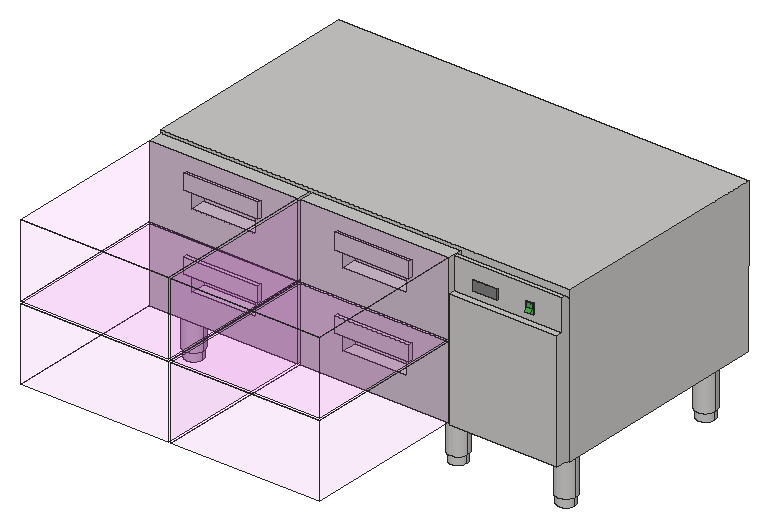
Revit family "QF_ELECTROLUXPROFESSIONAL_371295_E7TTBECOMIN", category Specialty Equipment, Revit 2023 (continued)
Lines and regions (mm)
  Split face 143
    outline origin (727.396, -348, 92.29) x (0, 0, -1) y (1, 0, 0)
      loop
        arc (-117.004, -234.4) -> (-121.004, -238.41) -> (-116.984, -242.399) r 4
        line (-116.984, -242.399) -> (-85.025, -242.399)
  Split face 144
    outline origin (739.396, -348, 92.29) x (0, 0, -1) y (1, 0, 0)
      loop
        arc (-85.025, -242.399) -> (-81.004, -238.41) -> (-85.004, -234.4) r 4
        line (-85.004, -234.4) -> (-117.004, -234.4)
        arc (-117.004, -234.4) -> (-121.004, -238.41) -> (-116.984, -242.399) r 4
        line (-116.984, -242.399) -> (-85.025, -242.399)
  Split face 145
    outline origin (751.396, -348, 92.29) x (0, 0, -1) y (1, 0, 0)
      loop
        arc (-85.025, -242.399) -> (-81.004, -238.41) -> (-85.004, -234.4) r 4
        line (-85.004, -234.4) -> (-117.004, -234.4)
        arc (-117.004, -234.4) -> (-121.004, -238.41) -> (-116.984, -242.399) r 4
        line (-116.984, -242.399) -> (-85.025, -242.399)
  Split face 146
    outline origin (763.396, -348, 92.29) x (0, 0, -1) y (1, 0, 0)
      loop
        arc (-85.025, -242.399) -> (-81.004, -238.41) -> (-85.004, -234.4) r 4
        line (-85.004, -234.4) -> (-117.004, -234.4)
        arc (-117.004, -234.4) -> (-121.004, -238.41) -> (-116.984, -242.399) r 4
        line (-116.984, -242.399) -> (-85.025, -242.399)
  Split face 147
    outline origin (775.396, -348, 92.29) x (0, 0, -1) y (1, 0, 0)
      loop
        arc (-85.025, -242.399) -> (-81.004, -238.41) -> (-85.004, -234.4) r 4
        line (-85.004, -234.4) -> (-117.004, -234.4)
        arc (-117.004, -234.4) -> (-121.004, -238.41) -> (-116.984, -242.399) r 4
        line (-116.984, -242.399) -> (-85.025, -242.399)
  Split face 148
    outline origin (787.396, -348, 92.29) x (0, 0, -1) y (1, 0, 0)
      loop
        arc (-85.025, -242.399) -> (-81.004, -238.41) -> (-85.004, -234.4) r 4
        line (-85.004, -234.4) -> (-117.004, -234.4)
        arc (-117.004, -234.4) -> (-121.004, -238.41) -> (-116.984, -242.399) r 4
        line (-116.984, -242.399) -> (-85.025, -242.399)
  Split face 149
    outline origin (799.396, -348, 92.29) x (0, 0, -1) y (1, 0, 0)
      loop
        arc (-85.025, -242.399) -> (-81.004, -238.41) -> (-85.004, -234.4) r 4
        line (-85.004, -234.4) -> (-117.004, -234.4)
        arc (-117.004, -234.4) -> (-121.004, -238.41) -> (-116.984, -242.399) r 4
        line (-116.984, -242.399) -> (-85.025, -242.399)
  Split face 150
    outline origin (811.396, -348, 92.29) x (0, 0, -1) y (1, 0, 0)
      loop
        arc (-85.025, -242.399) -> (-81.004, -238.41) -> (-85.004, -234.4) r 4
        line (-85.004, -234.4) -> (-117.004, -234.4)
        arc (-117.004, -234.4) -> (-121.004, -238.41) -> (-116.984, -242.399) r 4
        line (-116.984, -242.399) -> (-85.025, -242.399)
  Split face 151
    outline origin (588.5, -348, 92.29) x (0, 0, -1) y (1, 0, 0)
      loop
        arc (-85.025, -282.599) -> (-81.004, -278.61) -> (-85.004, -274.599) r 4
        line (-85.004, -274.599) -> (-117.004, -274.599)
        arc (-117.004, -274.599) -> (-121.004, -278.61) -> (-116.984, -282.599) r 4
        line (-116.984, -282.599) -> (-85.025, -282.599)
  Split face 152
    outline origin (708.396, -348, 362.291) x (0, 0, -1) y (1, 0, 0)
      loop
        arc (-85.025, -282.599) -> (-81.004, -278.61) -> (-85.004, -274.599) r 4
        line (-85.004, -274.599) -> (-117.004, -274.599)
        arc (-117.004, -274.599) -> (-121.004, -278.61) -> (-116.984, -282.599) r 4
        line (-116.984, -282.599) -> (-85.025, -282.599)
  Split face 153
    outline origin (720.397, -348, 362.291) x (0, 0, -1) y (1, 0, 0)
      loop
        arc (-85.025, -282.599) -> (-81.004, -278.61) -> (-85.004, -274.599) r 4
        line (-85.004, -274.599) -> (-117.004, -274.599)
        arc (-117.004, -274.599) -> (-121.004, -278.61) -> (-116.984, -282.599) r 4
        line (-116.984, -282.599) -> (-85.025, -282.599)
  Split face 154
    outline origin (732.396, -348, 362.291) x (0, 0, -1) y (1, 0, 0)
      loop
        arc (-85.025, -282.599) -> (-81.004, -278.61) -> (-85.004, -274.599) r 4
        line (-85.004, -274.599) -> (-117.004, -274.599)
        arc (-117.004, -274.599) -> (-121.004, -278.61) -> (-116.984, -282.599) r 4
        line (-116.984, -282.599) -> (-85.025, -282.599)
  Split face 155
    outline origin (708.396, -348, 317.29) x (0, 0, -1) y (1, 0, 0)
      loop
        arc (-85.025, -282.599) -> (-81.004, -278.61) -> (-85.004, -274.599) r 4
        line (-85.004, -274.599) -> (-117.004, -274.599)
        arc (-117.004, -274.599) -> (-121.004, -278.61) -> (-116.984, -282.599) r 4
        line (-116.984, -282.599) -> (-85.025, -282.599)
  Split face 156
    outline origin (720.397, -348, 317.29) x (0, 0, -1) y (1, 0, 0)
      loop
        arc (-85.025, -282.599) -> (-81.004, -278.61) -> (-85.004, -274.599) r 4
        line (-85.004, -274.599) -> (-117.004, -274.599)
        arc (-117.004, -274.599) -> (-121.004, -278.61) -> (-116.984, -282.599) r 4
        line (-116.984, -282.599) -> (-85.025, -282.599)
  Split face 157
    outline origin (732.396, -348, 317.29) x (0, 0, -1) y (1, 0, 0)
      loop
        arc (-85.025, -282.599) -> (-81.004, -278.61) -> (-85.004, -274.599) r 4
        line (-85.004, -274.599) -> (-117.004, -274.599)
        arc (-117.004, -274.599) -> (-121.004, -278.61) -> (-116.984, -282.599) r 4
        line (-116.984, -282.599) -> (-85.025, -282.599)
  Split face 158
    outline origin (708.396, -348, 272.29) x (0, 0, -1) y (1, 0, 0)
      loop
        arc (-85.025, -282.599) -> (-81.004, -278.61) -> (-85.004, -274.599) r 4
        line (-85.004, -274.599) -> (-117.004, -274.599)
        arc (-117.004, -274.599) -> (-121.004, -278.61) -> (-116.984, -282.599) r 4
        line (-116.984, -282.599) -> (-85.025, -282.599)
  Split face 159
    outline origin (720.397, -348, 272.29) x (0, 0, -1) y (1, 0, 0)
      loop
        arc (-85.025, -282.599) -> (-81.004, -278.61) -> (-85.004, -274.599) r 4
        line (-85.004, -274.599) -> (-117.004, -274.599)
        arc (-117.004, -274.599) -> (-121.004, -278.61) -> (-116.984, -282.599) r 4
        line (-116.984, -282.599) -> (-85.025, -282.599)
  Split face 160
    outline origin (732.396, -348, 272.29) x (0, 0, -1) y (1, 0, 0)
      loop
        arc (-85.025, -282.599) -> (-81.004, -278.61) -> (-85.004, -274.599) r 4
        line (-85.004, -274.599) -> (-117.004, -274.599)
        arc (-117.004, -274.599) -> (-121.004, -278.61) -> (-116.984, -282.599) r 4
        line (-116.984, -282.599) -> (-85.025, -282.599)
  Split face 161
    outline origin (708.396, -348, 227.29) x (0, 0, -1) y (1, 0, 0)
      loop
        arc (-85.025, -282.599) -> (-81.004, -278.61) -> (-85.004, -274.599) r 4
        line (-85.004, -274.599) -> (-117.004, -274.599)
        arc (-117.004, -274.599) -> (-121.004, -278.61) -> (-116.984, -282.599) r 4
        line (-116.984, -282.599) -> (-85.025, -282.599)
  Split face 162
    outline origin (720.397, -348, 227.29) x (0, 0, -1) y (1, 0, 0)
      loop
        arc (-85.025, -282.599) -> (-81.004, -278.61) -> (-85.004, -274.599) r 4
        line (-85.004, -274.599) -> (-117.004, -274.599)
        arc (-117.004, -274.599) -> (-121.004, -278.61) -> (-116.984, -282.599) r 4
        line (-116.984, -282.599) -> (-85.025, -282.599)
  Split face 163
    outline origin (732.396, -348, 227.29) x (0, 0, -1) y (1, 0, 0)
      loop
        arc (-85.025, -282.599) -> (-81.004, -278.61) -> (-85.004, -274.599) r 4
        line (-85.004, -274.599) -> (-117.004, -274.599)
        arc (-117.004, -274.599) -> (-121.004, -278.61) -> (-116.984, -282.599) r 4
        line (-116.984, -282.599) -> (-85.025, -282.599)
  Split face 164
    outline origin (708.396, -348, 182.29) x (0, 0, -1) y (1, 0, 0)
      loop
        arc (-85.025, -282.599) -> (-81.004, -278.61) -> (-85.004, -274.599) r 4
        line (-85.004, -274.599) -> (-117.004, -274.599)
        arc (-117.004, -274.599) -> (-121.004, -278.61) -> (-116.984, -282.599) r 4
        line (-116.984, -282.599) -> (-85.025, -282.599)
  Split face 165
    outline origin (720.397, -348, 182.29) x (0, 0, -1) y (1, 0, 0)
      loop
        arc (-85.025, -282.599) -> (-81.004, -278.61) -> (-85.004, -274.599) r 4
        line (-85.004, -274.599) -> (-117.004, -274.599)
        arc (-117.004, -274.599) -> (-121.004, -278.61) -> (-116.984, -282.599) r 4
        line (-116.984, -282.599) -> (-85.025, -282.599)
  Split face 166
    outline origin (732.396, -348, 182.29) x (0, 0, -1) y (1, 0, 0)
      loop
        arc (-85.025, -282.599) -> (-81.004, -278.61) -> (-85.004, -274.599) r 4
        line (-85.004, -274.599) -> (-117.004, -274.599)
        arc (-117.004, -274.599) -> (-121.004, -278.61) -> (-116.984, -282.599) r 4
        line (-116.984, -282.599) -> (-85.025, -282.599)
  Split face 167
    outline origin (708.396, -348, 137.29) x (0, 0, -1) y (1, 0, 0)
      loop
        arc (-85.025, -282.599) -> (-81.004, -278.61) -> (-85.004, -274.599) r 4
        line (-85.004, -274.599) -> (-117.004, -274.599)
        arc (-117.004, -274.599) -> (-121.004, -278.61) -> (-116.984, -282.599) r 4
        line (-116.984, -282.599) -> (-85.025, -282.599)
  Split face 168
    outline origin (720.397, -348, 137.29) x (0, 0, -1) y (1, 0, 0)
      loop
        arc (-85.025, -282.599) -> (-81.004, -278.61) -> (-85.004, -274.599) r 4
        line (-85.004, -274.599) -> (-117.004, -274.599)
        arc (-117.004, -274.599) -> (-121.004, -278.61) -> (-116.984, -282.599) r 4
        line (-116.984, -282.599) -> (-85.025, -282.599)
  Split face 169
    outline origin (732.396, -348, 137.29) x (0, 0, -1) y (1, 0, 0)
      loop
        arc (-85.025, -282.599) -> (-81.004, -278.61) -> (-85.004, -274.599) r 4
        line (-85.004, -274.599) -> (-117.004, -274.599)
        arc (-117.004, -274.599) -> (-121.004, -278.61) -> (-116.984, -282.599) r 4
        line (-116.984, -282.599) -> (-85.025, -282.599)
  Split face 170
    outline origin (708.396, -348, 92.29) x (0, 0, -1) y (1, 0, 0)
      loop
        arc (-85.025, -282.599) -> (-81.004, -278.61) -> (-85.004, -274.599) r 4
        line (-85.004, -274.599) -> (-117.004, -274.599)
        arc (-117.004, -274.599) -> (-121.004, -278.61) -> (-116.984, -282.599) r 4
        line (-116.984, -282.599) -> (-85.025, -282.599)
  Split face 171
    outline origin (720.397, -348, 92.29) x (0, 0, -1) y (1, 0, 0)
      loop
        arc (-85.025, -282.599) -> (-81.004, -278.61) -> (-85.004, -274.599) r 4
        line (-85.004, -274.599) -> (-117.004, -274.599)
        arc (-117.004, -274.599) -> (-121.004, -278.61) -> (-116.984, -282.599) r 4
        line (-116.984, -282.599) -> (-85.025, -282.599)
  Split face 172
    outline origin (732.396, -348, 92.29) x (0, 0, -1) y (1, 0, 0)
      loop
        arc (-85.025, -282.599) -> (-81.004, -278.61) -> (-85.004, -274.599) r 4
        line (-85.004, -274.599) -> (-117.004, -274.599)
        arc (-117.004, -274.599) -> (-121.004, -278.61) -> (-116.984, -282.599) r 4
        line (-116.984, -282.599) -> (-85.025, -282.599)
  symbolic lines, style "SpecialityEquipmentHiddenLines"
    curve 1: line (-599, 350, 0) -> (599, 350, 0)
    curve 2: line (-599, -348, 0) -> (-599, 350, 0)
    curve 3: line (599, -348, 0) -> (-599, -348, 0)
    curve 4: line (599, 350, 0) -> (599, -348, 0)
    curve 17: line (-599, -303, 0) -> (599, -303, 0)
  symbolic lines, style "QF_Door-Drawer Clearances"
    curve 5: line (-575, -348, 0) -> (-575, -473, 0)
    curve 6: line (-180.999, -473, 0) -> (-180.999, -348, 0)
    curve 7: line (-132.499, -348, 0) -> (-132.499, -473, 0)
    curve 8: line (261.502, -473, 0) -> (261.502, -348, 0)
    curve 9: line (-595, -473, 0) -> (-160.999, -473, 0)
    curve 10: line (-152.499, -473, 0) -> (281.502, -473, 0)
    curve 11: line (-595, -513, 0) -> (-160.999, -513, 0)
    curve 12: line (-152.499, -513, 0) -> (281.502, -513, 0)
    curve 13: line (-160.999, -513, 0) -> (-160.999, -473, 0)
    curve 14: line (-152.499, -473, 0) -> (-152.499, -513, 0)
    curve 15: line (-595, -473, 0) -> (-595, -513, 0)
    curve 16: line (281.502, -513, 0) -> (281.502, -473, 0)
    curve 18: line (-575, -513, 0) -> (-575, -638, 0)
    curve 19: line (-180.999, -638, 0) -> (-180.999, -513, 0)
    curve 20: line (-132.499, -513, 0) -> (-132.499, -638, 0)
    curve 21: line (261.502, -638, 0) -> (261.502, -513, 0)
    curve 22: line (-595, -638, 0) -> (-160.999, -638, 0)
    curve 23: line (-152.499, -638, 0) -> (281.502, -638, 0)
    curve 24: line (-595, -678, 0) -> (-160.999, -678, 0)
    curve 25: line (-152.499, -678, 0) -> (281.502, -678, 0)
    curve 26: line (-160.999, -678, 0) -> (-160.999, -638, 0)
    curve 27: line (-152.499, -638, 0) -> (-152.499, -678, 0)
    curve 28: line (-595, -638, 0) -> (-595, -678, 0)
    curve 29: line (281.502, -678, 0) -> (281.502, -638, 0)
Dimensions and locks
  equal spacing: plane 6 "LEFT", plane 3 "Centro (Sinistra/Destra)", plane 7 "RIGHT"
  plane 6 "LEFT" to plane 7 "RIGHT" = 1200 mm
  equal spacing: plane 4 "BACK", plane 1 "Center X", plane 5 "FRONT"
  plane 4 "BACK" to plane 5 "FRONT" = 700 mm
  locked: plane 4 "BACK" to plane 8 at 653
  locked: plane 8 to plane 9 at 45
  locked: plane 6 "LEFT" to plane 10 at 55
  locked: plane 11 to plane 7 "RIGHT" at 55
  locked: plane 10 to plane 12 at 774
  locked: plane 4 "BACK" to plane 13 at 88
  locked: plane 14 to plane 9 at 99
  locked: plane 17 to plane 7 "RIGHT" at 1
  locked: plane 6 "LEFT" to plane 16 at 1
  plane 17 to plane 15 = 313 mm
  locked: plane 4 "BACK" to plane 18 at 160
  plane 19 to plane 7 "RIGHT" = 42 mm
  aligned and locked: level to plane 2
  aligned and locked: plane 10 to nested 1
  aligned and locked: nested 1 to plane 14
  aligned and locked: nested 2 to plane 13
  aligned and locked: plane 12 to nested 3
  aligned and locked: nested 4 to plane 12
  aligned and locked: plane 11 to nested 5
  aligned and locked: nested 6 to plane 11
  aligned and locked: Extrusion 1 sketch curve to plane 4 "BACK"
  aligned and locked: plane 8 to Extrusion 1 sketch curve
  aligned and locked: plane 17 to Extrusion 1
Automatic sketch dimensions
  curve 1 to plane 4 "BACK" = 0 mm
  curve 1 to plane 16 = 0 mm
  curve 5 to plane 9 = 0 mm
  curve 3 to plane 17 = 0 mm
  curve 17 to plane 8 = 0 mm
  plane 16 to curve 24 = 4 mm
  plane 16 to curve 15 = 4 mm
  curve 24 to plane 3 "Centro (Sinistra/Destra)" = 160.999 mm
  curve 13 to curve 22 = 0 mm
  curve 9 to curve 14 = 8.5 mm
  curve 24 to curve 25 = 8.5 mm
  curve 23 to plane 15 = 4.498 mm
  curve 16 to plane 15 = 4.498 mm
  curve 9 to plane 5 "FRONT" = 123 mm
  curve 9 to curve 10 = 0 mm
  curve 16 to curve 10 = 40 mm
  curve 15 to curve 9 = 40 mm
  curve 22 to curve 11 = 125 mm
  curve 22 to curve 23 = 0 mm
  curve 26 to curve 22 = 40 mm
  curve 25 to curve 23 = 40 mm
  curve 2 to curve 5 = 24 mm
  curve 11 to curve 18 = 20 mm
  curve 19 to curve 22 = 20 mm
  curve 6 to curve 9 = 20 mm
  curve 12 to curve 20 = 20 mm
  curve 10 to curve 7 = 20 mm
  curve 8 to plane 15 = 24.498 mm
  curve 21 to curve 23 = 20 mm
  Extrusion 1 sketch curve to plane 17 = 0 mm
  Extrusion 1 sketch curve to plane 16 = 0 mm
  Extrusion 2 sketch curve to plane 18 = 0 mm
  Extrusion 2 sketch curve to plane 19 = 0 mm
  plane 16 to Extrusion 3 sketch curve = 4 mm
  Extrusion 3 sketch curve to plane 21 = 45 mm
  Extrusion 3 sketch curve to plane 3 "Centro (Sinistra/Destra)" = 160.999 mm
  Extrusion 4 sketch curve to plane 21 = 45 mm
  Extrusion 4 sketch curve to plane 3 "Centro (Sinistra/Destra)" = 152.999 mm
  Extrusion 4 sketch curve to plane 15 = 4.998 mm
  plane 16 to Extrusion 5 sketch curve = 4 mm
  Extrusion 5 sketch curve to plane 3 "Centro (Sinistra/Destra)" = 160.999 mm
  Extrusion 5 sketch curve to plane 21 = 50 mm
  Extrusion 6 sketch curve to plane 3 "Centro (Sinistra/Destra)" = 152.999 mm
  Extrusion 6 sketch curve to plane 15 = 4.998 mm
  Extrusion 6 sketch curve to plane 21 = 50 mm
  Extrusion 7 sketch curve to plane 21 = 45 mm
  Extrusion 7 sketch curve to plane 3 "Centro (Sinistra/Destra)" = 160.999 mm
  plane 22 to Extrusion 7 sketch curve = 29.206 mm
  Extrusion 7 sketch curve to Extrusion 7 sketch curve = 123.7 mm
  plane 10 to Extrusion 7 sketch curve = 73.7 mm
  plane 16 to Extrusion 7 sketch curve = 4 mm
  Extrusion 7 sketch curve to Extrusion 7 sketch curve = 78.294 mm
  Extrusion 8 sketch curve to plane 9 = 0 mm
  Extrusion 8 sketch curve to plane 8 = 0 mm
  plane 9 to Extrusion 8 sketch curve = 16.901 mm
  Extrusion 8 sketch curve to Extrusion 8 sketch curve = 11.336 mm
  Extrusion 8 sketch curve to plane 8 = 15.163 mm
  Extrusion 8 sketch curve to plane 8 = 5.442 mm
  Extrusion 8 sketch curve to Extrusion 8 sketch curve = 4.796 mm
  plane 22 to Extrusion 8 sketch curve = 72.296 mm
  Extrusion 8 sketch curve to Extrusion 8 sketch curve = 11.467 mm
  Extrusion 8 to Extrusion 9 sketch curve = 42.198 mm
  Extrusion 9 sketch curve to Extrusion 8 = 20 mm
  Extrusion 8 to Extrusion 9 sketch curve = 102.899 mm
  Extrusion 9 sketch curve to Extrusion 9 sketch curve = 22 mm
  Extrusion 8 to Extrusion 10 sketch curve = 42.198 mm
  Extrusion 10 sketch curve to Extrusion 8 = 20 mm
  Extrusion 8 to Extrusion 10 sketch curve = 54.901 mm
  Extrusion 10 sketch curve to Extrusion 10 sketch curve = 70 mm
  Split face 1 sketch curve to Extrusion 10 = 5 mm
  Split face 1 sketch curve to Extrusion 10 = 9 mm
  Split face 1 sketch curve to Extrusion 10 = 10 mm  (x2)
  Split face 2 sketch curve to Extrusion 10 = 12.5 mm
  Split face 2 sketch curve to Extrusion 10 = 7 mm
  Split face 3 sketch curve to Extrusion 10 = 7.5 mm
  Split face 3 sketch curve to Extrusion 10 = 7 mm
  Split face 4 sketch curve to Extrusion 10 = 11.5 mm
  Split face 4 sketch curve to Extrusion 10 = 7 mm
  Split face 5 sketch curve to Extrusion 10 = 7.5 mm
  Split face 5 sketch curve to Extrusion 10 = 7 mm
  Split face 6 sketch curve to Extrusion 10 = 12.5 mm
  Split face 6 sketch curve to Extrusion 10 = 7 mm
  Split face 7 sketch curve to Extrusion 10 = 11.5 mm
  Split face 7 sketch curve to Extrusion 10 = 7 mm
  Split face 8 sketch curve to Extrusion 10 = 7.047 mm
  Split face 8 sketch curve to Extrusion 10 = 2.047 mm
  Split face 8 sketch curve to Extrusion 10 = 10 mm
  Split face 8 sketch curve to Split face 8 sketch curve = 11 mm
  Split face 9 sketch curve to Extrusion 10 = 7.047 mm
  Split face 9 sketch curve to Extrusion 10 = 2.047 mm
  Split face 9 sketch curve to Extrusion 10 = 23 mm
  Split face 9 sketch curve to Split face 9 sketch curve = 11 mm
  Split face 10 sketch curve to Extrusion 10 = 7.047 mm
  Split face 10 sketch curve to Extrusion 10 = 2.047 mm
  Split face 10 sketch curve to Extrusion 10 = 34 mm
  Split face 10 sketch curve to Split face 10 sketch curve = 11 mm
  Split face 11 sketch curve to Extrusion 10 = 7.047 mm
  Split face 11 sketch curve to Extrusion 10 = 2.047 mm
  Split face 11 sketch curve to Extrusion 10 = 21 mm
  Split face 11 sketch curve to Extrusion 10 = 10 mm
  Extrusion 11 sketch curve to Extrusion 11 sketch curve = 0 mm  (x3)
  Extrusion 11 sketch curve to Extrusion 9 = 0 mm
  Extrusion 9 to Extrusion 11 sketch curve = 2.279 mm
  Extrusion 11 sketch curve to Extrusion 11 sketch curve = 0.116 mm
  Extrusion 11 sketch curve to Extrusion 11 sketch curve = 12.105 mm
  Extrusion 9 to Extrusion 11 sketch curve = 3.692 mm
  Extrusion 9 to Extrusion 11 sketch curve = 2.395 mm
  Split face 12 sketch curve to Extrusion 8 = 20.5 mm
  Split face 12 sketch curve to Split face 12 sketch curve = 0.02 mm  (x2)
  Split face 12 sketch curve to Split face 12 sketch curve = 31.959 mm
  Split face 12 sketch curve to Extrusion 8 = 32.901 mm
  Split face 12 sketch curve to Split face 12 sketch curve = 4 mm
  Split face 13 sketch curve to Extrusion 8 = 20.5 mm
  Split face 13 sketch curve to Split face 13 sketch curve = 0.02 mm  (x2)
  Split face 13 sketch curve to Split face 13 sketch curve = 31.959 mm
  Split face 13 sketch curve to Extrusion 8 = 44.9 mm
  Split face 13 sketch curve to Split face 13 sketch curve = 4 mm
  Split face 14 sketch curve to Extrusion 8 = 20.5 mm
  Split face 14 sketch curve to Split face 14 sketch curve = 0.02 mm  (x2)
  Split face 14 sketch curve to Split face 14 sketch curve = 31.959 mm
  Split face 14 sketch curve to Extrusion 8 = 56.9 mm
  Split face 14 sketch curve to Split face 14 sketch curve = 4 mm
  Split face 15 sketch curve to Extrusion 8 = 20.5 mm
  Split face 15 sketch curve to Split face 15 sketch curve = 0.02 mm  (x2)
  Split face 15 sketch curve to Split face 15 sketch curve = 31.959 mm
  Split face 15 sketch curve to Extrusion 8 = 68.797 mm
  Split face 15 sketch curve to Split face 15 sketch curve = 4 mm
  Split face 16 sketch curve to Extrusion 8 = 20.5 mm
  Split face 16 sketch curve to Split face 16 sketch curve = 0.02 mm  (x2)
  Split face 16 sketch curve to Split face 16 sketch curve = 31.959 mm
  Split face 16 sketch curve to Extrusion 8 = 80.797 mm
  Split face 16 sketch curve to Split face 16 sketch curve = 4 mm
  Split face 17 sketch curve to Extrusion 8 = 20.5 mm
  Split face 17 sketch curve to Split face 17 sketch curve = 0.02 mm  (x2)
  Split face 17 sketch curve to Split face 17 sketch curve = 31.959 mm
  Split face 17 sketch curve to Extrusion 8 = 92.797 mm
  Split face 17 sketch curve to Split face 17 sketch curve = 4 mm
  Split face 18 sketch curve to Extrusion 8 = 20.5 mm
  Split face 18 sketch curve to Split face 18 sketch curve = 0.02 mm  (x2)
  Split face 18 sketch curve to Split face 18 sketch curve = 31.959 mm
  Split face 18 sketch curve to Extrusion 8 = 104.797 mm
  Split face 18 sketch curve to Split face 18 sketch curve = 4 mm
  Split face 19 sketch curve to Extrusion 8 = 20.5 mm
  Split face 19 sketch curve to Split face 19 sketch curve = 0.02 mm  (x2)
  Split face 19 sketch curve to Split face 19 sketch curve = 31.959 mm
  Split face 19 sketch curve to Extrusion 8 = 116.797 mm
  Split face 19 sketch curve to Split face 19 sketch curve = 4 mm
  Split face 20 sketch curve to Extrusion 8 = 20.5 mm
  Split face 20 sketch curve to Split face 20 sketch curve = 0.02 mm  (x2)
  Split face 20 sketch curve to Split face 20 sketch curve = 31.959 mm
  Split face 20 sketch curve to Extrusion 8 = 128.797 mm
  Split face 20 sketch curve to Split face 20 sketch curve = 4 mm
  Split face 21 sketch curve to Extrusion 8 = 20.5 mm
  Split face 21 sketch curve to Split face 21 sketch curve = 0.02 mm  (x2)
  Split face 21 sketch curve to Split face 21 sketch curve = 31.959 mm
  Split face 21 sketch curve to Extrusion 8 = 137.003 mm
  Split face 21 sketch curve to Split face 21 sketch curve = 4 mm
  Split face 22 sketch curve to Extrusion 8 = 20.5 mm
  Split face 22 sketch curve to Split face 22 sketch curve = 0.02 mm  (x2)
  Split face 22 sketch curve to Split face 22 sketch curve = 31.959 mm
  Split face 22 sketch curve to Extrusion 8 = 125.004 mm
  Split face 22 sketch curve to Split face 22 sketch curve = 4 mm
  Split face 23 sketch curve to Extrusion 8 = 20.5 mm
  Split face 23 sketch curve to Split face 23 sketch curve = 0.02 mm  (x2)
  Split face 23 sketch curve to Split face 23 sketch curve = 31.959 mm
  Split face 23 sketch curve to Extrusion 8 = 113.003 mm
  Split face 23 sketch curve to Split face 23 sketch curve = 4 mm
  Split face 24 sketch curve to Extrusion 8 = 20.5 mm
  Split face 24 sketch curve to Split face 24 sketch curve = 0.02 mm  (x2)
  Split face 24 sketch curve to Split face 24 sketch curve = 31.959 mm
  Split face 24 sketch curve to Extrusion 8 = 101.003 mm
  Split face 24 sketch curve to Split face 24 sketch curve = 4 mm
  Split face 25 sketch curve to Extrusion 8 = 20.5 mm
  Split face 25 sketch curve to Split face 25 sketch curve = 0.02 mm  (x2)
  Split face 25 sketch curve to Split face 25 sketch curve = 31.959 mm
  Split face 25 sketch curve to Extrusion 8 = 89.003 mm
  Split face 25 sketch curve to Split face 25 sketch curve = 4 mm
  Split face 26 sketch curve to Extrusion 8 = 20.5 mm
  Split face 26 sketch curve to Split face 26 sketch curve = 0.02 mm  (x2)
  Split face 26 sketch curve to Split face 26 sketch curve = 31.959 mm
  Split face 26 sketch curve to Extrusion 8 = 77.004 mm
  Split face 26 sketch curve to Split face 26 sketch curve = 4 mm
  Split face 27 sketch curve to Extrusion 8 = 20.5 mm
  Split face 27 sketch curve to Split face 27 sketch curve = 0.02 mm  (x2)
  Split face 27 sketch curve to Split face 27 sketch curve = 31.959 mm
  Split face 27 sketch curve to Extrusion 8 = 65.003 mm
  Split face 27 sketch curve to Split face 27 sketch curve = 4 mm
  Split face 28 sketch curve to Extrusion 8 = 20.5 mm
  Split face 28 sketch curve to Split face 28 sketch curve = 0.02 mm  (x2)
  Split face 28 sketch curve to Split face 28 sketch curve = 31.959 mm
  Split face 28 sketch curve to Extrusion 8 = 53.004 mm
  Split face 28 sketch curve to Split face 28 sketch curve = 4 mm
  Split face 29 sketch curve to Extrusion 8 = 20.5 mm
  Split face 29 sketch curve to Split face 29 sketch curve = 0.02 mm  (x2)
  Split face 29 sketch curve to Split face 29 sketch curve = 31.959 mm
  Split face 29 sketch curve to Extrusion 8 = 41.004 mm
  Split face 29 sketch curve to Split face 29 sketch curve = 4 mm
  Split face 30 sketch curve to Extrusion 8 = 20.5 mm
  Split face 30 sketch curve to Split face 30 sketch curve = 0.02 mm  (x2)
  Split face 30 sketch curve to Split face 30 sketch curve = 31.959 mm
  Split face 30 sketch curve to Extrusion 8 = 29.004 mm
  Split face 30 sketch curve to Split face 30 sketch curve = 4 mm
  Split face 31 sketch curve to Extrusion 8 = 20.5 mm
  Split face 31 sketch curve to Split face 31 sketch curve = 0.02 mm  (x2)
  Split face 31 sketch curve to Split face 31 sketch curve = 31.959 mm
  Split face 31 sketch curve to Extrusion 8 = 20.901 mm
  Split face 31 sketch curve to Split face 31 sketch curve = 4 mm
  Split face 32 sketch curve to Extrusion 8 = 65.502 mm
  Split face 32 sketch curve to Split face 32 sketch curve = 0.02 mm  (x2)
  Split face 32 sketch curve to Split face 32 sketch curve = 31.959 mm
  Split face 32 sketch curve to Extrusion 8 = 32.901 mm
  Split face 32 sketch curve to Split face 32 sketch curve = 4 mm
  Split face 33 sketch curve to Extrusion 8 = 65.502 mm
  Split face 33 sketch curve to Split face 33 sketch curve = 0.02 mm  (x2)
  Split face 33 sketch curve to Split face 33 sketch curve = 31.959 mm
  Split face 33 sketch curve to Extrusion 8 = 44.9 mm
  Split face 33 sketch curve to Split face 33 sketch curve = 4 mm
  Split face 34 sketch curve to Extrusion 8 = 65.502 mm
  Split face 34 sketch curve to Split face 34 sketch curve = 0.02 mm  (x2)
  Split face 34 sketch curve to Split face 34 sketch curve = 31.959 mm
  Split face 34 sketch curve to Extrusion 8 = 56.9 mm
  Split face 34 sketch curve to Split face 34 sketch curve = 4 mm
  Split face 35 sketch curve to Extrusion 8 = 65.502 mm
  Split face 35 sketch curve to Split face 35 sketch curve = 0.02 mm  (x2)
  Split face 35 sketch curve to Split face 35 sketch curve = 31.959 mm
  Split face 35 sketch curve to Extrusion 8 = 68.797 mm
  Split face 35 sketch curve to Split face 35 sketch curve = 4 mm
  Split face 36 sketch curve to Extrusion 8 = 65.502 mm
  Split face 36 sketch curve to Split face 36 sketch curve = 0.02 mm  (x2)
  Split face 36 sketch curve to Split face 36 sketch curve = 31.959 mm
  Split face 36 sketch curve to Extrusion 8 = 80.797 mm
  Split face 36 sketch curve to Split face 36 sketch curve = 4 mm
  Split face 37 sketch curve to Extrusion 8 = 65.502 mm
  Split face 37 sketch curve to Split face 37 sketch curve = 0.02 mm  (x2)
  Split face 37 sketch curve to Split face 37 sketch curve = 31.959 mm
  Split face 37 sketch curve to Extrusion 8 = 92.797 mm
  Split face 37 sketch curve to Split face 37 sketch curve = 4 mm
  Split face 38 sketch curve to Extrusion 8 = 65.502 mm
  Split face 38 sketch curve to Split face 38 sketch curve = 0.02 mm  (x2)
  Split face 38 sketch curve to Split face 38 sketch curve = 31.959 mm
  Split face 38 sketch curve to Extrusion 8 = 104.797 mm
  Split face 38 sketch curve to Split face 38 sketch curve = 4 mm
  Split face 39 sketch curve to Extrusion 8 = 65.502 mm
  Split face 39 sketch curve to Split face 39 sketch curve = 0.02 mm  (x2)
  Split face 39 sketch curve to Split face 39 sketch curve = 31.959 mm
  Split face 39 sketch curve to Extrusion 8 = 116.797 mm
  Split face 39 sketch curve to Split face 39 sketch curve = 4 mm
  Split face 40 sketch curve to Extrusion 8 = 65.502 mm
  Split face 40 sketch curve to Split face 40 sketch curve = 0.02 mm  (x2)
  Split face 40 sketch curve to Split face 40 sketch curve = 31.959 mm
  Split face 40 sketch curve to Extrusion 8 = 128.797 mm
  Split face 40 sketch curve to Split face 40 sketch curve = 4 mm
  Split face 41 sketch curve to Extrusion 8 = 65.502 mm
  Split face 41 sketch curve to Split face 41 sketch curve = 0.02 mm  (x2)
  Split face 41 sketch curve to Split face 41 sketch curve = 31.959 mm
  Split face 41 sketch curve to Extrusion 8 = 137.003 mm
  Split face 41 sketch curve to Split face 41 sketch curve = 4 mm
  Split face 42 sketch curve to Extrusion 8 = 65.502 mm
  Split face 42 sketch curve to Split face 42 sketch curve = 0.02 mm  (x2)
  Split face 42 sketch curve to Split face 42 sketch curve = 31.959 mm
  Split face 42 sketch curve to Extrusion 8 = 125.004 mm
  Split face 42 sketch curve to Split face 42 sketch curve = 4 mm
  Split face 43 sketch curve to Extrusion 8 = 65.502 mm
  Split face 43 sketch curve to Split face 43 sketch curve = 0.02 mm  (x2)
  Split face 43 sketch curve to Split face 43 sketch curve = 31.959 mm
  Split face 43 sketch curve to Extrusion 8 = 113.003 mm
  Split face 43 sketch curve to Split face 43 sketch curve = 4 mm
  Split face 44 sketch curve to Extrusion 8 = 65.502 mm
  Split face 44 sketch curve to Split face 44 sketch curve = 0.02 mm  (x2)
  Split face 44 sketch curve to Split face 44 sketch curve = 31.959 mm
  Split face 44 sketch curve to Extrusion 8 = 101.003 mm
  Split face 44 sketch curve to Split face 44 sketch curve = 4 mm
  Split face 45 sketch curve to Extrusion 8 = 65.502 mm
  Split face 45 sketch curve to Split face 45 sketch curve = 0.02 mm  (x2)
  Split face 45 sketch curve to Split face 45 sketch curve = 31.959 mm
  Split face 45 sketch curve to Extrusion 8 = 89.003 mm
  Split face 45 sketch curve to Split face 45 sketch curve = 4 mm
  Split face 46 sketch curve to Extrusion 8 = 65.502 mm
  Split face 46 sketch curve to Split face 46 sketch curve = 0.02 mm  (x2)
  Split face 46 sketch curve to Split face 46 sketch curve = 31.959 mm
  Split face 46 sketch curve to Extrusion 8 = 77.004 mm
  Split face 46 sketch curve to Split face 46 sketch curve = 4 mm
  Split face 47 sketch curve to Extrusion 8 = 65.502 mm
  Split face 47 sketch curve to Split face 47 sketch curve = 0.02 mm  (x2)
  Split face 47 sketch curve to Split face 47 sketch curve = 31.959 mm
  Split face 47 sketch curve to Extrusion 8 = 65.003 mm
  Split face 47 sketch curve to Split face 47 sketch curve = 4 mm
  Split face 48 sketch curve to Extrusion 8 = 65.502 mm
  Split face 48 sketch curve to Split face 48 sketch curve = 0.02 mm  (x2)
  Split face 48 sketch curve to Split face 48 sketch curve = 31.959 mm
  Split face 48 sketch curve to Extrusion 8 = 53.004 mm
  Split face 48 sketch curve to Split face 48 sketch curve = 4 mm
  Split face 49 sketch curve to Extrusion 8 = 65.502 mm
  Split face 49 sketch curve to Split face 49 sketch curve = 0.02 mm  (x2)
  Split face 49 sketch curve to Split face 49 sketch curve = 31.959 mm
  Split face 49 sketch curve to Extrusion 8 = 41.004 mm
  Split face 49 sketch curve to Split face 49 sketch curve = 4 mm
  Split face 50 sketch curve to Extrusion 8 = 25.004 mm
  Split face 50 sketch curve to Extrusion 8 = 65.502 mm
  Split face 50 sketch curve to Split face 50 sketch curve = 0.02 mm  (x2)
  Split face 50 sketch curve to Split face 50 sketch curve = 31.959 mm
  Split face 50 sketch curve to Split face 50 sketch curve = 4 mm
  Split face 51 sketch curve to Extrusion 8 = 24.901 mm
  Split face 51 sketch curve to Extrusion 8 = 65.502 mm
  Split face 51 sketch curve to Split face 51 sketch curve = 0.02 mm  (x2)
  Split face 51 sketch curve to Split face 51 sketch curve = 31.959 mm
  Split face 51 sketch curve to Split face 51 sketch curve = 4 mm
  Split face 52 sketch curve to Extrusion 8 = 36.901 mm
  Split face 52 sketch curve to Extrusion 8 = 110.502 mm
  Split face 52 sketch curve to Split face 52 sketch curve = 0.02 mm  (x2)
  Split face 52 sketch curve to Split face 52 sketch curve = 31.959 mm
  Split face 52 sketch curve to Split face 52 sketch curve = 4 mm
  Split face 53 sketch curve to Extrusion 8 = 48.9 mm
  Split face 53 sketch curve to Extrusion 8 = 110.502 mm
  Split face 53 sketch curve to Split face 53 sketch curve = 0.02 mm  (x2)
  Split face 53 sketch curve to Split face 53 sketch curve = 31.959 mm
  Split face 53 sketch curve to Split face 53 sketch curve = 4 mm
  Split face 54 sketch curve to Extrusion 8 = 110.502 mm
  Split face 54 sketch curve to Split face 54 sketch curve = 0.02 mm  (x2)
  Split face 54 sketch curve to Split face 54 sketch curve = 31.959 mm
  Split face 54 sketch curve to Extrusion 8 = 56.9 mm
  Split face 54 sketch curve to Split face 54 sketch curve = 4 mm
  Split face 55 sketch curve to Extrusion 8 = 110.502 mm
  Split face 55 sketch curve to Split face 55 sketch curve = 0.02 mm  (x2)
  Split face 55 sketch curve to Split face 55 sketch curve = 31.959 mm
  Split face 55 sketch curve to Extrusion 8 = 68.797 mm
  Split face 55 sketch curve to Split face 55 sketch curve = 4 mm
  Split face 56 sketch curve to Extrusion 8 = 110.502 mm
  Split face 56 sketch curve to Split face 56 sketch curve = 0.02 mm  (x2)
  Split face 56 sketch curve to Split face 56 sketch curve = 31.959 mm
  Split face 56 sketch curve to Extrusion 8 = 80.797 mm
  Split face 56 sketch curve to Split face 56 sketch curve = 4 mm
  Split face 57 sketch curve to Extrusion 8 = 110.502 mm
  Split face 57 sketch curve to Split face 57 sketch curve = 0.02 mm  (x2)
  Split face 57 sketch curve to Split face 57 sketch curve = 31.959 mm
  Split face 57 sketch curve to Extrusion 8 = 92.797 mm
  Split face 57 sketch curve to Split face 57 sketch curve = 4 mm
  Split face 58 sketch curve to Extrusion 8 = 110.502 mm
  Split face 58 sketch curve to Split face 58 sketch curve = 0.02 mm  (x2)
  Split face 58 sketch curve to Split face 58 sketch curve = 31.959 mm
  Split face 58 sketch curve to Extrusion 8 = 104.797 mm
  Split face 58 sketch curve to Split face 58 sketch curve = 4 mm
  Split face 59 sketch curve to Extrusion 8 = 110.502 mm
  Split face 59 sketch curve to Split face 59 sketch curve = 0.02 mm  (x2)
  Split face 59 sketch curve to Split face 59 sketch curve = 31.959 mm
  Split face 59 sketch curve to Extrusion 8 = 116.797 mm
  Split face 59 sketch curve to Split face 59 sketch curve = 4 mm
  Split face 60 sketch curve to Extrusion 8 = 110.502 mm
  Split face 60 sketch curve to Split face 60 sketch curve = 0.02 mm  (x2)
  Split face 60 sketch curve to Split face 60 sketch curve = 31.959 mm
  Split face 60 sketch curve to Extrusion 8 = 128.797 mm
  Split face 60 sketch curve to Split face 60 sketch curve = 4 mm
  Split face 61 sketch curve to Extrusion 8 = 110.502 mm
  Split face 61 sketch curve to Split face 61 sketch curve = 0.02 mm  (x2)
  Split face 61 sketch curve to Split face 61 sketch curve = 31.959 mm
  Split face 61 sketch curve to Extrusion 8 = 137.003 mm
  Split face 61 sketch curve to Split face 61 sketch curve = 4 mm
  Split face 62 sketch curve to Extrusion 8 = 110.502 mm
  Split face 62 sketch curve to Split face 62 sketch curve = 0.02 mm  (x2)
  Split face 62 sketch curve to Split face 62 sketch curve = 31.959 mm
  Split face 62 sketch curve to Extrusion 8 = 125.004 mm
  Split face 62 sketch curve to Split face 62 sketch curve = 4 mm
  Split face 63 sketch curve to Extrusion 8 = 110.502 mm
  Split face 63 sketch curve to Split face 63 sketch curve = 0.02 mm  (x2)
  Split face 63 sketch curve to Split face 63 sketch curve = 31.959 mm
  Split face 63 sketch curve to Extrusion 8 = 113.003 mm
  Split face 63 sketch curve to Split face 63 sketch curve = 4 mm
  Split face 64 sketch curve to Extrusion 8 = 110.502 mm
  Split face 64 sketch curve to Split face 64 sketch curve = 0.02 mm  (x2)
  Split face 64 sketch curve to Split face 64 sketch curve = 31.959 mm
  Split face 64 sketch curve to Extrusion 8 = 101.003 mm
  Split face 64 sketch curve to Split face 64 sketch curve = 4 mm
  Split face 65 sketch curve to Extrusion 8 = 110.502 mm
  Split face 65 sketch curve to Split face 65 sketch curve = 0.02 mm  (x2)
  Split face 65 sketch curve to Split face 65 sketch curve = 31.959 mm
  Split face 65 sketch curve to Extrusion 8 = 89.003 mm
  Split face 65 sketch curve to Split face 65 sketch curve = 4 mm
  Split face 66 sketch curve to Extrusion 8 = 110.502 mm
  Split face 66 sketch curve to Split face 66 sketch curve = 0.02 mm  (x2)
  Split face 66 sketch curve to Split face 66 sketch curve = 31.959 mm
  Split face 66 sketch curve to Extrusion 8 = 77.004 mm
  Split face 66 sketch curve to Split face 66 sketch curve = 4 mm
  Split face 67 sketch curve to Extrusion 8 = 110.502 mm
  Split face 67 sketch curve to Split face 67 sketch curve = 0.02 mm  (x2)
  Split face 67 sketch curve to Split face 67 sketch curve = 31.959 mm
  Split face 67 sketch curve to Extrusion 8 = 65.003 mm
  Split face 67 sketch curve to Split face 67 sketch curve = 4 mm
  Split face 68 sketch curve to Extrusion 8 = 49.004 mm
  Split face 68 sketch curve to Extrusion 8 = 110.502 mm
  Split face 68 sketch curve to Split face 68 sketch curve = 0.02 mm  (x2)
  Split face 68 sketch curve to Split face 68 sketch curve = 31.959 mm
  Split face 68 sketch curve to Split face 68 sketch curve = 4 mm
  Split face 69 sketch curve to Extrusion 8 = 37.004 mm
  Split face 69 sketch curve to Extrusion 8 = 110.502 mm
  Split face 69 sketch curve to Split face 69 sketch curve = 0.02 mm  (x2)
  Split face 69 sketch curve to Split face 69 sketch curve = 31.959 mm
  Split face 69 sketch curve to Split face 69 sketch curve = 4 mm
  Split face 70 sketch curve to Extrusion 8 = 25.004 mm
  Split face 70 sketch curve to Extrusion 8 = 110.502 mm
  Split face 70 sketch curve to Split face 70 sketch curve = 0.02 mm  (x2)
  Split face 70 sketch curve to Split face 70 sketch curve = 31.959 mm
  Split face 70 sketch curve to Split face 70 sketch curve = 4 mm
  Split face 71 sketch curve to Extrusion 8 = 24.901 mm
  Split face 71 sketch curve to Extrusion 8 = 110.502 mm
  Split face 71 sketch curve to Split face 71 sketch curve = 0.02 mm  (x2)
  Split face 71 sketch curve to Split face 71 sketch curve = 31.959 mm
  Split face 71 sketch curve to Split face 71 sketch curve = 4 mm
  Split face 72 sketch curve to Extrusion 8 = 36.901 mm
  Split face 72 sketch curve to Extrusion 8 = 155.502 mm
  Split face 72 sketch curve to Split face 72 sketch curve = 0.02 mm  (x2)
  Split face 72 sketch curve to Split face 72 sketch curve = 31.959 mm
  Split face 72 sketch curve to Split face 72 sketch curve = 4 mm
  Split face 73 sketch curve to Extrusion 8 = 48.9 mm
  Split face 73 sketch curve to Extrusion 8 = 155.502 mm
  Split face 73 sketch curve to Split face 73 sketch curve = 0.02 mm  (x2)
  Split face 73 sketch curve to Split face 73 sketch curve = 31.959 mm
  Split face 73 sketch curve to Split face 73 sketch curve = 4 mm
  Split face 74 sketch curve to Extrusion 8 = 60.9 mm
  Split face 74 sketch curve to Extrusion 8 = 155.502 mm
  Split face 74 sketch curve to Split face 74 sketch curve = 0.02 mm  (x2)
  Split face 74 sketch curve to Split face 74 sketch curve = 31.959 mm
  Split face 74 sketch curve to Split face 74 sketch curve = 4 mm
  Split face 75 sketch curve to Extrusion 8 = 72.797 mm
  Split face 75 sketch curve to Extrusion 8 = 155.502 mm
  Split face 75 sketch curve to Split face 75 sketch curve = 0.02 mm  (x2)
  Split face 75 sketch curve to Split face 75 sketch curve = 31.959 mm
  Split face 75 sketch curve to Split face 75 sketch curve = 4 mm
  Split face 76 sketch curve to Extrusion 8 = 155.502 mm
  Split face 76 sketch curve to Split face 76 sketch curve = 0.02 mm  (x2)
  Split face 76 sketch curve to Split face 76 sketch curve = 31.959 mm
  Split face 76 sketch curve to Extrusion 8 = 80.797 mm
  Split face 76 sketch curve to Split face 76 sketch curve = 4 mm
  Split face 77 sketch curve to Extrusion 8 = 155.502 mm
  Split face 77 sketch curve to Split face 77 sketch curve = 0.02 mm  (x2)
  Split face 77 sketch curve to Split face 77 sketch curve = 31.959 mm
  Split face 77 sketch curve to Extrusion 8 = 92.797 mm
  Split face 77 sketch curve to Split face 77 sketch curve = 4 mm
  Split face 78 sketch curve to Extrusion 8 = 155.502 mm
  Split face 78 sketch curve to Split face 78 sketch curve = 0.02 mm  (x2)
  Split face 78 sketch curve to Split face 78 sketch curve = 31.959 mm
  Split face 78 sketch curve to Extrusion 8 = 104.797 mm
  Split face 78 sketch curve to Split face 78 sketch curve = 4 mm
  Split face 79 sketch curve to Extrusion 8 = 155.502 mm
  Split face 79 sketch curve to Split face 79 sketch curve = 0.02 mm  (x2)
  Split face 79 sketch curve to Split face 79 sketch curve = 31.959 mm
  Split face 79 sketch curve to Extrusion 8 = 116.797 mm
  Split face 79 sketch curve to Split face 79 sketch curve = 4 mm
  Split face 80 sketch curve to Extrusion 8 = 155.502 mm
  Split face 80 sketch curve to Split face 80 sketch curve = 0.02 mm  (x2)
  Split face 80 sketch curve to Split face 80 sketch curve = 31.959 mm
  Split face 80 sketch curve to Extrusion 8 = 128.797 mm
  Split face 80 sketch curve to Split face 80 sketch curve = 4 mm
  Split face 81 sketch curve to Extrusion 8 = 155.502 mm
  Split face 81 sketch curve to Split face 81 sketch curve = 0.02 mm  (x2)
  Split face 81 sketch curve to Split face 81 sketch curve = 31.959 mm
  Split face 81 sketch curve to Extrusion 8 = 137.003 mm
  Split face 81 sketch curve to Split face 81 sketch curve = 4 mm
  Split face 82 sketch curve to Extrusion 8 = 155.502 mm
  Split face 82 sketch curve to Split face 82 sketch curve = 0.02 mm  (x2)
  Split face 82 sketch curve to Split face 82 sketch curve = 31.959 mm
  Split face 82 sketch curve to Extrusion 8 = 125.004 mm
  Split face 82 sketch curve to Split face 82 sketch curve = 4 mm
  Split face 83 sketch curve to Extrusion 8 = 155.502 mm
  Split face 83 sketch curve to Split face 83 sketch curve = 0.02 mm  (x2)
  Split face 83 sketch curve to Split face 83 sketch curve = 31.959 mm
  Split face 83 sketch curve to Extrusion 8 = 113.003 mm
  Split face 83 sketch curve to Split face 83 sketch curve = 4 mm
  Split face 84 sketch curve to Extrusion 8 = 155.502 mm
  Split face 84 sketch curve to Split face 84 sketch curve = 0.02 mm  (x2)
  Split face 84 sketch curve to Split face 84 sketch curve = 31.959 mm
  Split face 84 sketch curve to Extrusion 8 = 101.003 mm
  Split face 84 sketch curve to Split face 84 sketch curve = 4 mm
  Split face 85 sketch curve to Extrusion 8 = 155.502 mm
  Split face 85 sketch curve to Split face 85 sketch curve = 0.02 mm  (x2)
  Split face 85 sketch curve to Split face 85 sketch curve = 31.959 mm
  Split face 85 sketch curve to Extrusion 8 = 89.003 mm
  Split face 85 sketch curve to Split face 85 sketch curve = 4 mm
  Split face 86 sketch curve to Extrusion 8 = 73.004 mm
  Split face 86 sketch curve to Extrusion 8 = 155.502 mm
  Split face 86 sketch curve to Split face 86 sketch curve = 0.02 mm  (x2)
  Split face 86 sketch curve to Split face 86 sketch curve = 31.959 mm
  Split face 86 sketch curve to Split face 86 sketch curve = 4 mm
  Split face 87 sketch curve to Extrusion 8 = 61.003 mm
  Split face 87 sketch curve to Extrusion 8 = 155.502 mm
  Split face 87 sketch curve to Split face 87 sketch curve = 0.02 mm  (x2)
  Split face 87 sketch curve to Split face 87 sketch curve = 31.959 mm
  Split face 87 sketch curve to Split face 87 sketch curve = 4 mm
  Split face 88 sketch curve to Extrusion 8 = 49.004 mm
  Split face 88 sketch curve to Extrusion 8 = 155.502 mm
  Split face 88 sketch curve to Split face 88 sketch curve = 0.02 mm  (x2)
  Split face 88 sketch curve to Split face 88 sketch curve = 31.959 mm
  Split face 88 sketch curve to Split face 88 sketch curve = 4 mm
  Split face 89 sketch curve to Extrusion 8 = 37.004 mm
  Split face 89 sketch curve to Extrusion 8 = 155.502 mm
  Split face 89 sketch curve to Split face 89 sketch curve = 0.02 mm  (x2)
  Split face 89 sketch curve to Split face 89 sketch curve = 31.959 mm
  Split face 89 sketch curve to Split face 89 sketch curve = 4 mm
  Split face 90 sketch curve to Extrusion 8 = 25.004 mm
  Split face 90 sketch curve to Extrusion 8 = 155.502 mm
  Split face 90 sketch curve to Split face 90 sketch curve = 0.02 mm  (x2)
  Split face 90 sketch curve to Split face 90 sketch curve = 31.959 mm
  Split face 90 sketch curve to Split face 90 sketch curve = 4 mm
  Split face 91 sketch curve to Extrusion 8 = 24.901 mm
  Split face 91 sketch curve to Extrusion 8 = 155.502 mm
  Split face 91 sketch curve to Split face 91 sketch curve = 0.02 mm  (x2)
  Split face 91 sketch curve to Split face 91 sketch curve = 31.959 mm
  Split face 91 sketch curve to Split face 91 sketch curve = 4 mm
  Split face 92 sketch curve to Extrusion 8 = 36.901 mm
  Split face 92 sketch curve to Extrusion 8 = 144.498 mm
  Split face 92 sketch curve to Split face 92 sketch curve = 0.02 mm  (x2)
  Split face 92 sketch curve to Split face 92 sketch curve = 31.959 mm
  Split face 92 sketch curve to Split face 92 sketch curve = 4 mm
  Split face 93 sketch curve to Extrusion 8 = 48.9 mm
  Split face 93 sketch curve to Extrusion 8 = 144.498 mm
  Split face 93 sketch curve to Split face 93 sketch curve = 0.02 mm  (x2)
  Split face 93 sketch curve to Split face 93 sketch curve = 31.959 mm
  Split face 93 sketch curve to Split face 93 sketch curve = 4 mm
  Split face 94 sketch curve to Extrusion 8 = 60.9 mm
  Split face 94 sketch curve to Extrusion 8 = 144.498 mm
  Split face 94 sketch curve to Split face 94 sketch curve = 0.02 mm  (x2)
  Split face 94 sketch curve to Split face 94 sketch curve = 31.959 mm
  Split face 94 sketch curve to Split face 94 sketch curve = 4 mm
  Split face 95 sketch curve to Extrusion 8 = 144.498 mm
  Split face 95 sketch curve to Split face 95 sketch curve = 0.02 mm  (x2)
  Split face 95 sketch curve to Split face 95 sketch curve = 31.959 mm
  Split face 95 sketch curve to Extrusion 8 = 68.797 mm
  Split face 95 sketch curve to Split face 95 sketch curve = 4 mm
  Split face 96 sketch curve to Extrusion 8 = 144.498 mm
  Split face 96 sketch curve to Split face 96 sketch curve = 0.02 mm  (x2)
  Split face 96 sketch curve to Split face 96 sketch curve = 31.959 mm
  Split face 96 sketch curve to Extrusion 8 = 80.797 mm
  Split face 96 sketch curve to Split face 96 sketch curve = 4 mm
  Split face 97 sketch curve to Extrusion 8 = 144.498 mm
  Split face 97 sketch curve to Split face 97 sketch curve = 0.02 mm  (x2)
  Split face 97 sketch curve to Split face 97 sketch curve = 31.959 mm
  Split face 97 sketch curve to Extrusion 8 = 92.797 mm
  Split face 97 sketch curve to Split face 97 sketch curve = 4 mm
  Split face 98 sketch curve to Extrusion 8 = 144.498 mm
  Split face 98 sketch curve to Split face 98 sketch curve = 0.02 mm  (x2)
  Split face 98 sketch curve to Split face 98 sketch curve = 31.959 mm
  Split face 98 sketch curve to Extrusion 8 = 104.797 mm
  Split face 98 sketch curve to Split face 98 sketch curve = 4 mm
  Split face 99 sketch curve to Extrusion 8 = 144.498 mm
  Split face 99 sketch curve to Split face 99 sketch curve = 0.02 mm  (x2)
  Split face 99 sketch curve to Split face 99 sketch curve = 31.959 mm
  Split face 99 sketch curve to Extrusion 8 = 116.797 mm
  Split face 99 sketch curve to Split face 99 sketch curve = 4 mm
  Split face 100 sketch curve to Extrusion 8 = 144.498 mm
  Split face 100 sketch curve to Split face 100 sketch curve = 0.02 mm  (x2)
  Split face 100 sketch curve to Split face 100 sketch curve = 31.959 mm
  Split face 100 sketch curve to Extrusion 8 = 128.797 mm
  Split face 100 sketch curve to Split face 100 sketch curve = 4 mm
  Split face 101 sketch curve to Extrusion 8 = 144.498 mm
  Split face 101 sketch curve to Split face 101 sketch curve = 0.02 mm  (x2)
  Split face 101 sketch curve to Split face 101 sketch curve = 31.959 mm
  Split face 101 sketch curve to Extrusion 8 = 137.003 mm
  Split face 101 sketch curve to Split face 101 sketch curve = 4 mm
  Split face 102 sketch curve to Extrusion 8 = 144.498 mm
  Split face 102 sketch curve to Split face 102 sketch curve = 0.02 mm  (x2)
  Split face 102 sketch curve to Split face 102 sketch curve = 31.959 mm
  Split face 102 sketch curve to Extrusion 8 = 125.004 mm
  Split face 102 sketch curve to Split face 102 sketch curve = 4 mm
  Split face 103 sketch curve to Extrusion 8 = 144.498 mm
  Split face 103 sketch curve to Split face 103 sketch curve = 0.02 mm  (x2)
  Split face 103 sketch curve to Split face 103 sketch curve = 31.959 mm
  Split face 103 sketch curve to Extrusion 8 = 113.003 mm
  Split face 103 sketch curve to Split face 103 sketch curve = 4 mm
  Split face 104 sketch curve to Extrusion 8 = 144.498 mm
  Split face 104 sketch curve to Split face 104 sketch curve = 0.02 mm  (x2)
  Split face 104 sketch curve to Split face 104 sketch curve = 31.959 mm
  Split face 104 sketch curve to Extrusion 8 = 101.003 mm
  Split face 104 sketch curve to Split face 104 sketch curve = 4 mm
  Split face 105 sketch curve to Extrusion 8 = 144.498 mm
  Split face 105 sketch curve to Split face 105 sketch curve = 0.02 mm  (x2)
  Split face 105 sketch curve to Split face 105 sketch curve = 31.959 mm
  Split face 105 sketch curve to Extrusion 8 = 89.003 mm
  Split face 105 sketch curve to Split face 105 sketch curve = 4 mm
  Split face 106 sketch curve to Extrusion 8 = 144.498 mm
  Split face 106 sketch curve to Split face 106 sketch curve = 0.02 mm  (x2)
  Split face 106 sketch curve to Split face 106 sketch curve = 31.959 mm
  Split face 106 sketch curve to Extrusion 8 = 77.004 mm
  Split face 106 sketch curve to Split face 106 sketch curve = 4 mm
  Split face 107 sketch curve to Extrusion 8 = 61.003 mm
  Split face 107 sketch curve to Extrusion 8 = 144.498 mm
  Split face 107 sketch curve to Split face 107 sketch curve = 0.02 mm  (x2)
  Split face 107 sketch curve to Split face 107 sketch curve = 31.959 mm
  Split face 107 sketch curve to Split face 107 sketch curve = 4 mm
  Split face 108 sketch curve to Extrusion 8 = 49.004 mm
  Split face 108 sketch curve to Extrusion 8 = 144.498 mm
  Split face 108 sketch curve to Split face 108 sketch curve = 0.02 mm  (x2)
  Split face 108 sketch curve to Split face 108 sketch curve = 31.959 mm
  Split face 108 sketch curve to Split face 108 sketch curve = 4 mm
  Split face 109 sketch curve to Extrusion 8 = 37.004 mm
  Split face 109 sketch curve to Extrusion 8 = 144.498 mm
  Split face 109 sketch curve to Split face 109 sketch curve = 0.02 mm  (x2)
  Split face 109 sketch curve to Split face 109 sketch curve = 31.959 mm
  Split face 109 sketch curve to Split face 109 sketch curve = 4 mm
  Split face 110 sketch curve to Extrusion 8 = 25.004 mm
  Split face 110 sketch curve to Extrusion 8 = 144.498 mm
  Split face 110 sketch curve to Split face 110 sketch curve = 0.02 mm  (x2)
  Split face 110 sketch curve to Split face 110 sketch curve = 31.959 mm
  Split face 110 sketch curve to Split face 110 sketch curve = 4 mm
  Split face 111 sketch curve to Extrusion 8 = 24.901 mm
  Split face 111 sketch curve to Extrusion 8 = 144.498 mm
  Split face 111 sketch curve to Split face 111 sketch curve = 0.02 mm  (x2)
  Split face 111 sketch curve to Split face 111 sketch curve = 31.959 mm
  Split face 111 sketch curve to Split face 111 sketch curve = 4 mm
  Split face 112 sketch curve to Extrusion 8 = 36.901 mm
  Split face 112 sketch curve to Extrusion 8 = 99.499 mm
  Split face 112 sketch curve to Split face 112 sketch curve = 0.02 mm  (x2)
  Split face 112 sketch curve to Split face 112 sketch curve = 31.959 mm
  Split face 112 sketch curve to Split face 112 sketch curve = 4 mm
  Split face 113 sketch curve to Extrusion 8 = 48.9 mm
  Split face 113 sketch curve to Extrusion 8 = 99.499 mm
  Split face 113 sketch curve to Split face 113 sketch curve = 0.02 mm  (x2)
  Split face 113 sketch curve to Split face 113 sketch curve = 31.959 mm
  Split face 113 sketch curve to Split face 113 sketch curve = 4 mm
  Split face 114 sketch curve to Extrusion 8 = 99.499 mm
  Split face 114 sketch curve to Split face 114 sketch curve = 0.02 mm  (x2)
  Split face 114 sketch curve to Split face 114 sketch curve = 31.959 mm
  Split face 114 sketch curve to Extrusion 8 = 56.9 mm
  Split face 114 sketch curve to Split face 114 sketch curve = 4 mm
  Split face 115 sketch curve to Extrusion 8 = 99.499 mm
  Split face 115 sketch curve to Split face 115 sketch curve = 0.02 mm  (x2)
  Split face 115 sketch curve to Split face 115 sketch curve = 31.959 mm
  Split face 115 sketch curve to Extrusion 8 = 68.797 mm
  Split face 115 sketch curve to Split face 115 sketch curve = 4 mm
  Split face 116 sketch curve to Extrusion 8 = 99.499 mm
  Split face 116 sketch curve to Split face 116 sketch curve = 0.02 mm  (x2)
  Split face 116 sketch curve to Split face 116 sketch curve = 31.959 mm
  Split face 116 sketch curve to Extrusion 8 = 80.797 mm
  Split face 116 sketch curve to Split face 116 sketch curve = 4 mm
  Split face 117 sketch curve to Extrusion 8 = 99.499 mm
  Split face 117 sketch curve to Split face 117 sketch curve = 0.02 mm  (x2)
  Split face 117 sketch curve to Split face 117 sketch curve = 31.959 mm
  Split face 117 sketch curve to Extrusion 8 = 92.797 mm
  Split face 117 sketch curve to Split face 117 sketch curve = 4 mm
  Split face 118 sketch curve to Extrusion 8 = 99.499 mm
  Split face 118 sketch curve to Split face 118 sketch curve = 0.02 mm  (x2)
  Split face 118 sketch curve to Split face 118 sketch curve = 31.959 mm
  Split face 118 sketch curve to Extrusion 8 = 104.797 mm
  Split face 118 sketch curve to Split face 118 sketch curve = 4 mm
  Split face 119 sketch curve to Extrusion 8 = 99.499 mm
  Split face 119 sketch curve to Split face 119 sketch curve = 0.02 mm  (x2)
  Split face 119 sketch curve to Split face 119 sketch curve = 31.959 mm
  Split face 119 sketch curve to Extrusion 8 = 116.797 mm
  Split face 119 sketch curve to Split face 119 sketch curve = 4 mm
  Split face 120 sketch curve to Extrusion 8 = 99.499 mm
  Split face 120 sketch curve to Split face 120 sketch curve = 0.02 mm  (x2)
  Split face 120 sketch curve to Split face 120 sketch curve = 31.959 mm
  Split face 120 sketch curve to Extrusion 8 = 128.797 mm
  Split face 120 sketch curve to Split face 120 sketch curve = 4 mm
  Split face 121 sketch curve to Extrusion 8 = 99.499 mm
  Split face 121 sketch curve to Split face 121 sketch curve = 0.02 mm  (x2)
  Split face 121 sketch curve to Split face 121 sketch curve = 31.959 mm
  Split face 121 sketch curve to Extrusion 8 = 137.003 mm
  Split face 121 sketch curve to Split face 121 sketch curve = 4 mm
  Split face 122 sketch curve to Extrusion 8 = 99.499 mm
  Split face 122 sketch curve to Split face 122 sketch curve = 0.02 mm  (x2)
  Split face 122 sketch curve to Split face 122 sketch curve = 31.959 mm
  Split face 122 sketch curve to Extrusion 8 = 125.004 mm
  Split face 122 sketch curve to Split face 122 sketch curve = 4 mm
  Split face 123 sketch curve to Extrusion 8 = 99.499 mm
  Split face 123 sketch curve to Split face 123 sketch curve = 0.02 mm  (x2)
  Split face 123 sketch curve to Split face 123 sketch curve = 31.959 mm
  Split face 123 sketch curve to Extrusion 8 = 113.003 mm
  Split face 123 sketch curve to Split face 123 sketch curve = 4 mm
  Split face 124 sketch curve to Extrusion 8 = 99.499 mm
  Split face 124 sketch curve to Split face 124 sketch curve = 0.02 mm  (x2)
  Split face 124 sketch curve to Split face 124 sketch curve = 31.959 mm
  Split face 124 sketch curve to Extrusion 8 = 101.003 mm
  Split face 124 sketch curve to Split face 124 sketch curve = 4 mm
  Split face 125 sketch curve to Extrusion 8 = 99.499 mm
  Split face 125 sketch curve to Split face 125 sketch curve = 0.02 mm  (x2)
  Split face 125 sketch curve to Split face 125 sketch curve = 31.959 mm
  Split face 125 sketch curve to Extrusion 8 = 89.003 mm
  Split face 125 sketch curve to Split face 125 sketch curve = 4 mm
  Split face 126 sketch curve to Extrusion 8 = 99.499 mm
  Split face 126 sketch curve to Split face 126 sketch curve = 0.02 mm  (x2)
  Split face 126 sketch curve to Split face 126 sketch curve = 31.959 mm
  Split face 126 sketch curve to Extrusion 8 = 77.004 mm
  Split face 126 sketch curve to Split face 126 sketch curve = 4 mm
  Split face 127 sketch curve to Extrusion 8 = 99.499 mm
  Split face 127 sketch curve to Split face 127 sketch curve = 0.02 mm  (x2)
  Split face 127 sketch curve to Split face 127 sketch curve = 31.959 mm
  Split face 127 sketch curve to Extrusion 8 = 65.003 mm
  Split face 127 sketch curve to Split face 127 sketch curve = 4 mm
  Split face 128 sketch curve to Extrusion 8 = 49.004 mm
  Split face 128 sketch curve to Extrusion 8 = 99.499 mm
  Split face 128 sketch curve to Split face 128 sketch curve = 0.02 mm  (x2)
  Split face 128 sketch curve to Split face 128 sketch curve = 31.959 mm
  Split face 128 sketch curve to Split face 128 sketch curve = 4 mm
  Split face 129 sketch curve to Extrusion 8 = 37.004 mm
  Split face 129 sketch curve to Extrusion 8 = 99.499 mm
  Split face 129 sketch curve to Split face 129 sketch curve = 0.02 mm  (x2)
  Split face 129 sketch curve to Split face 129 sketch curve = 31.959 mm
  Split face 129 sketch curve to Split face 129 sketch curve = 4 mm
  Split face 130 sketch curve to Extrusion 8 = 25.004 mm
  Split face 130 sketch curve to Extrusion 8 = 99.499 mm
  Split face 130 sketch curve to Split face 130 sketch curve = 0.02 mm  (x2)
  Split face 130 sketch curve to Split face 130 sketch curve = 31.959 mm
  Split face 130 sketch curve to Split face 130 sketch curve = 4 mm
  Split face 131 sketch curve to Extrusion 8 = 24.901 mm
  Split face 131 sketch curve to Extrusion 8 = 99.499 mm
  Split face 131 sketch curve to Split face 131 sketch curve = 0.02 mm  (x2)
  Split face 131 sketch curve to Split face 131 sketch curve = 31.959 mm
  Split face 131 sketch curve to Split face 131 sketch curve = 4 mm
  Split face 132 sketch curve to Extrusion 8 = 54.499 mm
  Split face 132 sketch curve to Split face 132 sketch curve = 0.02 mm  (x2)
  Split face 132 sketch curve to Extrusion 8 = 22.519 mm
  Split face 132 sketch curve to Extrusion 8 = 32.901 mm
  Split face 132 sketch curve to Split face 132 sketch curve = 4 mm
  Split face 133 sketch curve to Extrusion 8 = 54.499 mm
  Split face 133 sketch curve to Split face 133 sketch curve = 0.02 mm  (x2)
  Split face 133 sketch curve to Extrusion 8 = 22.519 mm
  Split face 133 sketch curve to Extrusion 8 = 44.9 mm
  Split face 133 sketch curve to Split face 133 sketch curve = 4 mm
  Split face 134 sketch curve to Extrusion 8 = 54.499 mm
  Split face 134 sketch curve to Split face 134 sketch curve = 0.02 mm  (x2)
  Split face 134 sketch curve to Extrusion 8 = 22.519 mm
  Split face 134 sketch curve to Extrusion 8 = 56.9 mm
  Split face 134 sketch curve to Split face 134 sketch curve = 4 mm
  Split face 135 sketch curve to Extrusion 8 = 54.499 mm
  Split face 135 sketch curve to Split face 135 sketch curve = 0.02 mm  (x2)
  Split face 135 sketch curve to Extrusion 8 = 22.519 mm
